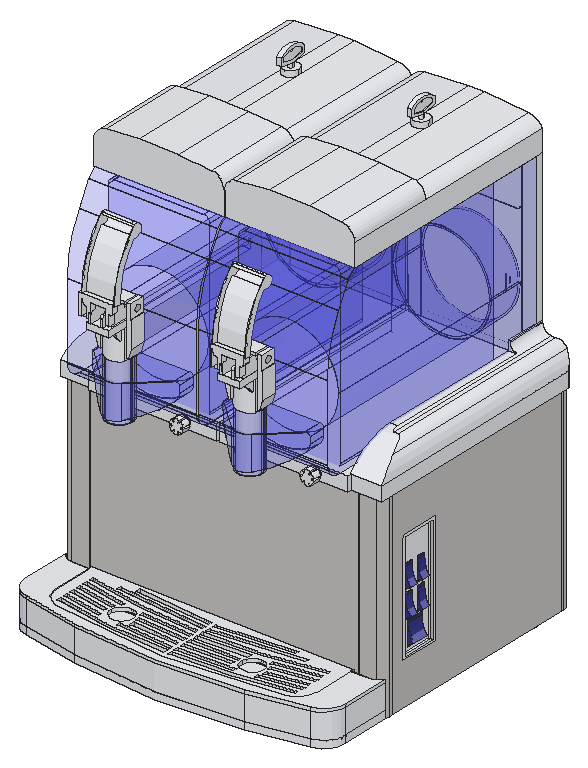
Revit family "QF_ELECTROLUXPROFESSIONAL_560105_SP2NewUK", category Specialty Equipment, Revit 2018
Family settings
  Round Connector Dimension = Use Diameter
  Part Type = Normal
  Work Plane-Based = No
  Always vertical = Yes
  Cut with Voids When Loaded = No
  Shared = No
  Room Calculation Point = No
Parameters (values of type "Standard")
  Watts = 0 W
  Volts = 220 V
  URL Manufacturer = "http://professional.electrolux.com"
  URL = "http://professional.electrolux.com"
  Steam Supply Size = 0 mm
  Steam Supply Minimum Pressure = 0.0 Pa
  Steam Supply Maximum Pressure = 0.0 Pa
  Steam Pounds per Hour = 0
  Refrigeration Suction Line Size = 0 mm
  Refrigeration Liquid Line Size = 0 mm
  Refrigerant Compressor Remote = yes
  Manufacturer = "Electrolux Professional"
  Phase = 1
  Model = "SP2NewUK"
  Length Actual = 447 mm  # constant formula
  Item Number = "560105"
  Hot Water Size = 0 mm
  Height Actual = 613 mm  # constant formula
  HP = "1 HP"
  Gas Size = 0 mm
  Gas KW = 0
  Gas Input Pressure = 0 W
  Direct Waste Size = 0 mm
  Description = "2x5 LITERS BOWLS - FROZEN GRANITA AND FROZEN CREAM DISPENSER -  2 INSULATED BOWLS - UK"
  Depth Actual = 442 mm  # constant formula
  Cycle = 50 Hz
  Condensate Return Size = 0 mm
  Compressed Air Volume = 0.0 L/s
  Compressed Air Size = 0 mm
  Compressed Air Pressure = 0.0 Pa
  Cold Water Size = 0 mm
  Accessory = yes
Reference planes
  plane 1 "Center (Front/Back)": y = 0
  plane 2 "BASE": z = 0
  plane 3 "Center (Left/Right)": x = 0
  plane 4 "FEET": z = 14
  plane 5 "BACK": y = 212
  plane 6 "LEFT": x = -223.5
  plane 7 "RIGHT": x = 223.5
  plane 8: y = 169
  plane 9: y = -118.5
  plane 10 "BackButton": z = 362.798
  plane 11 "TOP": z = 640
  plane 12 "FRONT": y = -230
Forms (mm)
  Extrusion 1, solid, material "QF_Finishes_Rubber Black"
    sketch origin (-29, 0, 0) x (1, 0, 0) y (0, 1, 0)
      loop
        circle (-163.5, 169) r 12.5
    from 0 to 3
  Blend 2, solid
    base sketch origin (-29, 0, 0) x (1, 0, 0) y (0, 1, 0)
      loop
        circle (-163.5, 169) r 15.5
    top sketch origin (-29, 0, 0) x (1, 0, 0) y (0, 1, 0)
      loop
        circle (-163.5, 169) r 17
    from 3 to 14
  Extrusion 3, solid, material "QF_Finishes_Rubber Black"
    sketch origin (171, 0, 0) x (1, 0, 0) y (0, 1, 0)
      loop
        circle (21.5, 169) r 12.5
    from 0 to 3
  Blend 4, solid
    base sketch origin (171, 0, 0) x (1, 0, 0) y (0, 1, 0)
      loop
        circle (21.5, 169) r 15.5
    top sketch origin (171, 0, 0) x (1, 0, 0) y (0, 1, 0)
      loop
        circle (21.5, 169) r 17
    from 3 to 14
  Extrusion 5, solid, material "QF_Finishes_Rubber Black"
    sketch origin (171, -267.5, 0) x (1, 0, 0) y (0, 1, 0)
      loop
        circle (21.5, 186.5) r 12.5
    from 0 to 3
  Blend 6, solid
    base sketch origin (171, -267.5, 0) x (1, 0, 0) y (0, 1, 0)
      loop
        circle (21.5, 186.5) r 15.5
    top sketch origin (171, -267.5, 0) x (1, 0, 0) y (0, 1, 0)
      loop
        circle (21.5, 186.5) r 17
    from 3 to 14
  Extrusion 7, solid, material "QF_Finishes_Rubber Black"
    sketch origin (-29, -267.5, 0) x (1, 0, 0) y (0, 1, 0)
      loop
        circle (-163.5, 186.5) r 12.5
    from 0 to 3
  Blend 8, solid
    base sketch origin (-29, -267.5, 0) x (1, 0, 0) y (0, 1, 0)
      loop
        circle (-163.5, 186.5) r 15.5
    top sketch origin (-29, -267.5, 0) x (1, 0, 0) y (0, 1, 0)
      loop
        circle (-163.5, 186.5) r 17
    from 3 to 14
  Extrusion 9, solid, material "QF_Finishes_Stainless Steel"
    sketch origin (-198, 50, 14) x (-1, 0, 0) y (0, -1, 0)
      loop
        circle (-21.5, 81) r 10
    from 0 to -10
  Extrusion 10, solid, material "QF_Finishes_Stainless Steel"
    sketch origin (223.5, 0, 0) x (0, -1, 0) y (0, 0, 1)
      loop
        line (-195.256, 14) -> (96.764, 14) -> (96.764, 286) -> (-195.256, 286) -> (-195.256, 14)
      loop
        line (75.773, 225.287) -> (25.71, 225.287) -> (25.71, 75.287) -> (75.773, 75.287) -> (75.773, 225.287)
    from 6 to 3
  Extrusion 11, solid, material "QF_Finishes_Stainless Steel"
    sketch origin (-225.5, 0, 0) x (0, -1, 0) y (0, 0, -1)
      loop
        line (-195.256, -14) -> (-195.256, -286) -> (96.764, -286) -> (96.764, -14) -> (-195.256, -14)
    from 8 to 5
  Extrusion 12, solid, material "QF_Finishes_Stainless Steel"
    sketch origin (0, 0, 14) x (-1, 0, 0) y (0, -1, 0)
      loop
        line (-220.5, 100.829) -> (-220.5, 96.764) -> (-217.5, 96.764) -> (-217.5, 100.829)
        arc (-217.5, 100.829) -> (-215.45, 105.778) -> (-210.5, 107.829) r 7
        line (-210.5, 107.829) -> (-185.657, 107.829) -> (-185.657, 110.829) -> (-210.5, 110.829)
        arc (-210.5, 110.829) -> (-217.571, 107.9) -> (-220.5, 100.829) r 10
    from 0 to 272
  Extrusion 13, solid, material "QF_Finishes_Stainless Steel"
    sketch origin (0, 0, 14) x (1, 0, 0) y (0, 1, 0)
      loop
        arc (-220.5, -100.829) -> (-217.571, -107.9) -> (-210.5, -110.829) r 10
        line (-210.5, -110.829) -> (-185.657, -110.829) -> (-185.657, -107.829) -> (-210.5, -107.829)
        arc (-210.5, -107.829) -> (-215.45, -105.778) -> (-217.5, -100.829) r 7
        line (-217.5, -100.829) -> (-217.5, -96.764) -> (-220.5, -96.764) -> (-220.5, -100.829)
    from 0 to 272
  Extrusion 14, solid, material "QF_Finishes_Stainless Steel"
    sketch origin (0, 98.492, 14) x (-1, 0, 0) y (0, -1, 0)
      loop
        arc (-220.5, -100.829) -> (-217.571, -107.9) -> (-210.5, -110.829) r 10
        line (-210.5, -110.829) -> (-185.657, -110.829) -> (-185.657, -107.829) -> (-210.5, -107.829)
        arc (-210.5, -107.829) -> (-215.45, -105.778) -> (-217.5, -100.829) r 7
        line (-217.5, -100.829) -> (-217.5, -96.764) -> (-220.5, -96.764) -> (-220.5, -100.829)
    from 0 to 272
  Extrusion 15, solid, material "QF_Finishes_Stainless Steel"
    sketch origin (0, 98.492, 14) x (1, 0, 0) y (0, 1, 0)
      loop
        line (-220.5, 100.829) -> (-220.5, 96.764) -> (-217.5, 96.764) -> (-217.5, 100.829)
        arc (-217.5, 100.829) -> (-215.45, 105.778) -> (-210.5, 107.829) r 7
        line (-210.5, 107.829) -> (-185.657, 107.829) -> (-185.657, 110.829) -> (-210.5, 110.829)
        arc (-210.5, 110.829) -> (-217.571, 107.9) -> (-220.5, 100.829) r 10
    from 0 to 272
  Extrusion 16, solid, material "QF_Finishes_White"
    sketch origin (0, 0, 14) x (-1, 0, 0) y (0, -1, 0)
      loop
        line (185.657, -209.321) -> (185.657, -206.321) -> (-185.657, -206.321) -> (-185.657, -209.321) -> (185.657, -209.321)
    from 0 to 272
  Extrusion 17, solid, material "QF_Finishes_Stainless Steel"
    sketch origin (0, 0, 14) x (-1, 0, 0) y (0, -1, 0)
      loop
        line (185.657, 107.829) -> (185.657, 110.829) -> (-185.657, 110.829) -> (-185.657, 107.829) -> (185.657, 107.829)
    from 0 to 272
  Extrusion 18, solid, material "QF_Finishes_White"
    sketch origin (0, 0, 0) x (0, 1, 0) y (0, 0, 1)
      loop
        line (-77.773, 227.287) -> (-77.773, 73.287) -> (-23.71, 73.287) -> (-23.71, 227.287) -> (-77.773, 227.287)
    from 210.5 to 220.5
  Extrusion 19, void
    sketch origin (0, 0, 0) x (0, 1, 0) y (0, 0, 1)
      loop
        line (-75.773, 225.287) -> (-75.773, 75.287) -> (-25.71, 75.287) -> (-25.71, 225.287) -> (-75.773, 225.287)
    from 212.5 to 220.5
  Extrusion 20, solid, material "QF_Finishes_Rubber Black"
    sketch origin (0, -225, 0) x (-1, 0, 0) y (0, 0, 1)
      loop
        line (-212.5, 113.524) -> (-214.745, 113.524) -> (-214.745, 110.624)
        arc (-214.745, 110.624) -> (-216.502, 98.098) -> (-221.637, 86.539) r 45.529
        line (-221.637, 86.539) -> (-214.745, 83.471) -> (-214.745, 81.362) -> (-212.5, 81.362) -> (-212.5, 113.524)
    from 186 to 163
  Extrusion 21, solid, material "QF_Finishes_Rubber Black"
    sketch origin (0, -225, 0) x (-1, 0, 0) y (0, 0, 1)
      loop
        line (-212.5, 185.457) -> (-214.745, 185.457) -> (-214.745, 182.557)
        arc (-214.745, 182.557) -> (-216.502, 170.032) -> (-221.637, 158.473) r 45.529
        line (-221.637, 158.473) -> (-214.745, 155.405) -> (-214.745, 153.296) -> (-212.5, 153.296) -> (-212.5, 185.457)
    from 190 to 180
  Extrusion 22, solid, material "QF_Finishes_Rubber Black"
    sketch origin (0, -225, 0) x (-1, 0, 0) y (0, 0, 1)
      loop
        line (-212.5, 148.728) -> (-214.745, 148.728) -> (-214.745, 145.828)
        arc (-214.745, 145.828) -> (-216.502, 133.303) -> (-221.637, 121.744) r 45.529
        line (-221.637, 121.744) -> (-214.745, 118.675) -> (-214.745, 116.567) -> (-212.5, 116.567) -> (-212.5, 148.728)
    from 190 to 180
  Extrusion 23, solid, material "QF_Finishes_Rubber Black"
    sketch origin (0, 123.518, 0) x (-1, 0, 0) y (0, 0, -1)
      loop
        line (-212.5, -185.457) -> (-212.5, -153.296) -> (-214.745, -153.296) -> (-214.745, -155.405) -> (-221.637, -158.473)
        arc (-221.637, -158.473) -> (-216.502, -170.032) -> (-214.745, -182.557) r 45.529
        line (-214.745, -182.557) -> (-214.745, -185.457) -> (-212.5, -185.457)
    from 190 to 180
  Extrusion 24, solid, material "QF_Finishes_Rubber Black"
    sketch origin (0, 123.518, 0) x (-1, 0, 0) y (0, 0, -1)
      loop
        line (-212.5, -148.728) -> (-212.5, -116.567) -> (-214.745, -116.567) -> (-214.745, -118.675) -> (-221.637, -121.744)
        arc (-221.637, -121.744) -> (-216.502, -133.303) -> (-214.745, -145.828) r 45.529
        line (-214.745, -145.828) -> (-214.745, -148.728) -> (-212.5, -148.728)
    from 190 to 180
  Extrusion 25, solid, material "QF_Finishes_White"
    sketch origin (0, 0, 14) x (-1, 0, 0) y (0, -1, 0)
      loop
        arc (203.5, 118) -> (213.228, 115.474) -> (220.5, 108.536) r 20
        line (220.5, 108.536) -> (220.5, 176.53)
        arc (220.5, 176.53) -> (213.649, 195.612) -> (196.224, 205.979) r 30
        line (196.224, 205.979) -> (117.634, 221.255)
        arc (117.634, 221.255) -> (0, 230) -> (-117.634, 221.255) r 795.559
        line (-117.634, 221.255) -> (-196.224, 205.979)
        arc (-196.224, 205.979) -> (-213.649, 195.612) -> (-220.5, 176.53) r 30
        line (-220.5, 176.53) -> (-220.5, 108.536)
        arc (-220.5, 108.536) -> (-213.228, 115.474) -> (-203.5, 118) r 20
        line (-203.5, 118) -> (-180.657, 118) -> (-180.657, 174.118)
        arc (-180.657, 174.118) -> (-173.912, 193.071) -> (-156.71, 203.501) r 30
        arc (-156.71, 203.501) -> (0, 219.475) -> (156.71, 203.501) r 776.665
        arc (156.71, 203.501) -> (173.912, 193.071) -> (180.657, 174.118) r 30
        line (180.657, 174.118) -> (180.657, 118) -> (203.5, 118)
    from 0 to 49
  Extrusion 26, solid, material "QF_Finishes_White"
    sketch origin (0, 0, 14) x (-1, 0, 0) y (0, -1, 0)
      loop
        line (220.5, 108.536) -> (220.5, 176.53)
        arc (220.5, 176.53) -> (213.649, 195.612) -> (196.224, 205.979) r 30
        line (196.224, 205.979) -> (117.634, 221.255)
        arc (117.634, 221.255) -> (0, 230) -> (-117.634, 221.255) r 795.559
        line (-117.634, 221.255) -> (-196.224, 205.979)
        arc (-196.224, 205.979) -> (-213.649, 195.612) -> (-220.5, 176.53) r 30
        line (-220.5, 176.53) -> (-220.5, 108.536)
        arc (-220.5, 108.536) -> (-213.228, 115.474) -> (-203.5, 118) r 20
        line (-203.5, 118) -> (-180, 118) -> (-180, 113) -> (180, 113) -> (180, 118) -> (203.5, 118)
        arc (203.5, 118) -> (213.228, 115.474) -> (220.5, 108.536) r 20
    from 45 to 49
  Extrusion 27, solid, material "QF_Finishes_White"
    sketch origin (0, 0, 14) x (-1, 0, 0) y (0, -1, 0)
      loop
        line (220.5, 108.536) -> (220.5, 176.53)
        arc (220.5, 176.53) -> (213.649, 195.612) -> (196.224, 205.979) r 30
        line (196.224, 205.979) -> (117.634, 221.255)
        arc (117.634, 221.255) -> (0, 230) -> (-117.634, 221.255) r 795.559
        line (-117.634, 221.255) -> (-196.224, 205.979)
        arc (-196.224, 205.979) -> (-213.649, 195.612) -> (-220.5, 176.53) r 30
        line (-220.5, 176.53) -> (-220.5, 108.536)
        arc (-220.5, 108.536) -> (-213.228, 115.474) -> (-203.5, 118) r 20
        line (-203.5, 118) -> (-180, 118) -> (-180, 113) -> (180, 113) -> (180, 118) -> (203.5, 118)
        arc (203.5, 118) -> (213.228, 115.474) -> (220.5, 108.536) r 20
    from 0 to 10
  Extrusion 28, void
    sketch origin (0, 0, 14) x (-1, 0, 0) y (0, -1, 0)
      loop
        circle (90, 174.177) r 15.5
      loop
        arc (164.485, 193.398) -> (84.102, 206.528) -> (2.783, 211.117) r 772.106
        line (2.783, 211.117) -> (2.783, 205.117)
        arc (2.783, 205.117) -> (84.109, 200.491) -> (164.485, 187.256) r 766.106
        line (164.485, 187.256) -> (164.485, 193.398)
      loop
        line (2.783, 200.117) -> (2.783, 194.117)
        arc (2.783, 194.117) -> (41.62, 192.974) -> (80.347, 189.836) r 755.106
        line (80.347, 189.836) -> (80.347, 195.869)
        arc (80.347, 195.869) -> (41.619, 198.984) -> (2.783, 200.117) r 761.106
      loop
        line (2.783, 189.117) -> (2.783, 183.117)
        arc (2.783, 183.117) -> (36.168, 182.243) -> (69.481, 179.871) r 744.106
        line (69.481, 179.871) -> (69.481, 185.897)
        arc (69.481, 185.897) -> (36.168, 188.25) -> (2.783, 189.117) r 750.106
      loop
        line (2.783, 178.117) -> (2.783, 172.117)
        arc (2.783, 172.117) -> (37.054, 171.185) -> (71.244, 168.652) r 733.106
        line (71.244, 168.652) -> (71.244, 174.681)
        arc (71.244, 174.681) -> (37.054, 177.193) -> (2.783, 178.117) r 739.106
      loop
        line (2.783, 167.117) -> (2.783, 161.117)
        arc (2.783, 161.117) -> (38.826, 160.078) -> (74.773, 157.241) r 722.106
        line (74.773, 157.241) -> (74.773, 163.273)
        arc (74.773, 163.273) -> (38.825, 166.086) -> (2.783, 167.117) r 728.106
      loop
        line (2.783, 156.117) -> (2.783, 150.117)
        arc (2.783, 150.117) -> (84.188, 145.121) -> (164.485, 130.837) r 711.106
        line (164.485, 130.837) -> (164.485, 137.003)
        arc (164.485, 137.003) -> (84.178, 151.165) -> (2.783, 156.117) r 717.106
      loop
        line (107.446, 192.5) -> (107.446, 186.439)
        arc (107.446, 186.439) -> (136.066, 181.762) -> (164.485, 175.99) r 755.106
        line (164.485, 175.99) -> (164.485, 182.136)
        arc (164.485, 182.136) -> (136.064, 187.861) -> (107.446, 192.5) r 761.106
      loop
        line (110.037, 181.007) -> (110.037, 174.941)
        arc (110.037, 174.941) -> (137.356, 170.335) -> (164.485, 164.715) r 744.106
        line (164.485, 164.715) -> (164.485, 170.866)
        arc (164.485, 170.866) -> (137.355, 176.439) -> (110.037, 181.007) r 750.106
      loop
        line (107.446, 170.271) -> (107.446, 164.206)
        arc (107.446, 164.206) -> (136.072, 159.383) -> (164.485, 153.432) r 733.106
        line (164.485, 153.432) -> (164.485, 159.587)
        arc (164.485, 159.587) -> (136.071, 165.489) -> (107.446, 170.271) r 739.106
      loop
        line (101.843, 159.965) -> (101.843, 153.904)
        arc (101.843, 153.904) -> (133.294, 148.713) -> (164.485, 142.139) r 722.106
        line (164.485, 142.139) -> (164.485, 148.3)
        arc (164.485, 148.3) -> (133.292, 154.818) -> (101.843, 159.965) r 728.106
      loop
        line (2.763, 145.117) -> (2.763, 139.117)
        arc (2.763, 139.117) -> (66.368, 135.969) -> (129.424, 127.055) r 700.106
        line (129.424, 127.055) -> (129.424, 133.16)
        arc (129.424, 133.16) -> (66.364, 141.997) -> (2.763, 145.117) r 706.106
      loop
        line (2.72, 134.117) -> (2.72, 128.117)
        arc (2.72, 128.117) -> (56.552, 125.798) -> (110.037, 119.28) r 689.106
        line (110.037, 119.28) -> (110.037, 125.358)
        arc (110.037, 125.358) -> (56.549, 131.818) -> (2.72, 134.117) r 695.106
      loop
        circle (-90, 174.177) r 15.5
      loop
        line (-164.485, 193.398) -> (-164.485, 187.256)
        arc (-164.485, 187.256) -> (-84.109, 200.491) -> (-2.783, 205.117) r 766.106
        line (-2.783, 205.117) -> (-2.783, 211.117)
        arc (-2.783, 211.117) -> (-84.102, 206.528) -> (-164.485, 193.398) r 772.106
      loop
        arc (-2.783, 200.117) -> (-41.619, 198.984) -> (-80.347, 195.869) r 761.106
        line (-80.347, 195.869) -> (-80.347, 189.836)
        arc (-80.347, 189.836) -> (-41.62, 192.974) -> (-2.783, 194.117) r 755.106
        line (-2.783, 194.117) -> (-2.783, 200.117)
      loop
        arc (-2.783, 189.117) -> (-36.168, 188.25) -> (-69.481, 185.897) r 750.106
        line (-69.481, 185.897) -> (-69.481, 179.871)
        arc (-69.481, 179.871) -> (-36.168, 182.243) -> (-2.783, 183.117) r 744.106
        line (-2.783, 183.117) -> (-2.783, 189.117)
      loop
        arc (-2.783, 178.117) -> (-37.054, 177.193) -> (-71.244, 174.681) r 739.106
        line (-71.244, 174.681) -> (-71.244, 168.652)
        arc (-71.244, 168.652) -> (-37.054, 171.185) -> (-2.783, 172.117) r 733.106
        line (-2.783, 172.117) -> (-2.783, 178.117)
      loop
        arc (-2.783, 167.117) -> (-38.825, 166.086) -> (-74.773, 163.273) r 728.106
        line (-74.773, 163.273) -> (-74.773, 157.241)
        arc (-74.773, 157.241) -> (-38.826, 160.078) -> (-2.783, 161.117) r 722.106
        line (-2.783, 161.117) -> (-2.783, 167.117)
      loop
        arc (-2.783, 156.117) -> (-84.178, 151.165) -> (-164.485, 137.003) r 717.106
        line (-164.485, 137.003) -> (-164.485, 130.837)
        arc (-164.485, 130.837) -> (-84.188, 145.121) -> (-2.783, 150.117) r 711.106
        line (-2.783, 150.117) -> (-2.783, 156.117)
      loop
        arc (-107.446, 192.5) -> (-136.064, 187.861) -> (-164.485, 182.136) r 761.106
        line (-164.485, 182.136) -> (-164.485, 175.99)
        arc (-164.485, 175.99) -> (-136.066, 181.762) -> (-107.446, 186.439) r 755.106
        line (-107.446, 186.439) -> (-107.446, 192.5)
      loop
        arc (-110.037, 181.007) -> (-137.355, 176.439) -> (-164.485, 170.866) r 750.106
        line (-164.485, 170.866) -> (-164.485, 164.715)
        arc (-164.485, 164.715) -> (-137.356, 170.335) -> (-110.037, 174.941) r 744.106
        line (-110.037, 174.941) -> (-110.037, 181.007)
      loop
        arc (-107.446, 170.271) -> (-136.071, 165.489) -> (-164.485, 159.587) r 739.106
        line (-164.485, 159.587) -> (-164.485, 153.432)
        arc (-164.485, 153.432) -> (-136.072, 159.383) -> (-107.446, 164.206) r 733.106
        line (-107.446, 164.206) -> (-107.446, 170.271)
      loop
        arc (-101.843, 159.965) -> (-133.292, 154.818) -> (-164.485, 148.3) r 728.106
        line (-164.485, 148.3) -> (-164.485, 142.139)
        arc (-164.485, 142.139) -> (-133.294, 148.713) -> (-101.843, 153.904) r 722.106
        line (-101.843, 153.904) -> (-101.843, 159.965)
      loop
        arc (-2.763, 145.117) -> (-66.364, 141.997) -> (-129.424, 133.16) r 706.106
        line (-129.424, 133.16) -> (-129.424, 127.055)
        arc (-129.424, 127.055) -> (-66.368, 135.969) -> (-2.763, 139.117) r 700.106
        line (-2.763, 139.117) -> (-2.763, 145.117)
      loop
        arc (-2.72, 134.117) -> (-56.549, 131.818) -> (-110.037, 125.358) r 695.106
        line (-110.037, 125.358) -> (-110.037, 119.28)
        arc (-110.037, 119.28) -> (-56.552, 125.798) -> (-2.72, 128.117) r 689.106
        line (-2.72, 128.117) -> (-2.72, 134.117)
    from 35.454 to 54.996
  Extrusion 29, solid, material "QF_Clearances", detail levels coarse
    sketch origin (888.173, -11.659, 0) x (1, 0, 0) y (0, 1, 0)
      loop
        line (-1111.81, -218.341) -> (-1111.81, 223.659) -> (-664.81, 223.659) -> (-664.81, -218.341) -> (-464.81, -218.341) -> (-464.81, 423.659) -> (-1311.81, 423.659) -> (-1311.81, -218.341) -> (-1111.81, -218.341)
    from 0 to 640
Cuts and joins
  Extrusion 19 cuts Extrusion 18
  Extrusion 28 cuts Extrusion 26
  Extrusion 28 cuts Extrusion 27
Lines and regions (mm)
  Split face 1
    outline origin (220.5, 154.141, 0) x (0, -1, 0) y (0, 0, 1)
      loop
        line (54.641, 200.213) -> (-10.359, 200.213) -> (-14.859, 192.213) -> (59.141, 192.213) -> (54.641, 200.213)
  Split face 2
    outline origin (220.5, 154.141, -10) x (0, -1, 0) y (0, 0, 1)
      loop
        line (54.641, 200.213) -> (-10.359, 200.213) -> (-14.859, 192.213) -> (59.141, 192.213) -> (54.641, 200.213)
  Split face 3
    outline origin (220.5, 154.141, -20) x (0, -1, 0) y (0, 0, 1)
      loop
        line (54.641, 200.213) -> (-10.359, 200.213) -> (-14.859, 192.213) -> (59.141, 192.213) -> (54.641, 200.213)
  Split face 4
    outline origin (220.5, 154.141, -30) x (0, -1, 0) y (0, 0, 1)
      loop
        line (54.641, 200.213) -> (-10.359, 200.213) -> (-14.859, 192.213) -> (59.141, 192.213) -> (54.641, 200.213)
  Split face 5
    outline origin (220.5, 154.141, -40) x (0, -1, 0) y (0, 0, 1)
      loop
        line (54.641, 200.213) -> (-10.359, 200.213) -> (-14.859, 192.213) -> (59.141, 192.213) -> (54.641, 200.213)
  Split face 6
    outline origin (220.5, 154.141, -50) x (0, -1, 0) y (0, 0, 1)
      loop
        line (54.641, 200.213) -> (-10.359, 200.213) -> (-14.859, 192.213) -> (59.141, 192.213) -> (54.641, 200.213)
  Split face 7
    outline origin (220.5, 154.141, -60) x (0, -1, 0) y (0, 0, 1)
      loop
        line (54.641, 200.213) -> (-10.359, 200.213) -> (-14.859, 192.213) -> (59.141, 192.213) -> (54.641, 200.213)
  Split face 8
    outline origin (220.5, 154.141, -70) x (0, -1, 0) y (0, 0, 1)
      loop
        line (54.641, 200.213) -> (-10.359, 200.213) -> (-14.859, 192.213) -> (59.141, 192.213) -> (54.641, 200.213)
  Split face 9
    outline origin (220.5, 154.141, -80) x (0, -1, 0) y (0, 0, 1)
      loop
        line (54.641, 200.213) -> (-10.359, 200.213) -> (-14.859, 192.213) -> (59.141, 192.213) -> (54.641, 200.213)
  Split face 10
    outline origin (220.5, 154.141, -90) x (0, -1, 0) y (0, 0, 1)
      loop
        line (54.641, 200.213) -> (-10.359, 200.213) -> (-14.859, 192.213) -> (59.141, 192.213) -> (54.641, 200.213)
  Split face 11
    outline origin (220.5, 154.141, -100) x (0, -1, 0) y (0, 0, 1)
      loop
        line (54.641, 200.213) -> (-10.359, 200.213) -> (-14.859, 192.213) -> (59.141, 192.213) -> (54.641, 200.213)
  Split face 12
    outline origin (220.5, 154.141, -110) x (0, -1, 0) y (0, 0, 1)
      loop
        line (54.641, 200.213) -> (-10.359, 200.213) -> (-14.859, 192.213) -> (59.141, 192.213) -> (54.641, 200.213)
  Split face 13
    outline origin (220.5, 154.141, -120) x (0, -1, 0) y (0, 0, 1)
      loop
        line (54.641, 200.213) -> (-10.359, 200.213) -> (-14.859, 192.213) -> (59.141, 192.213) -> (54.641, 200.213)
  Split face 14
    outline origin (220.5, 154.141, -130) x (0, -1, 0) y (0, 0, 1)
      loop
        line (54.641, 200.213) -> (-10.359, 200.213) -> (-14.859, 192.213) -> (59.141, 192.213) -> (54.641, 200.213)
  Split face 15
    outline origin (220.5, 154.141, -140) x (0, -1, 0) y (0, 0, 1)
      loop
        line (54.641, 200.213) -> (-10.359, 200.213) -> (-14.859, 192.213) -> (59.141, 192.213) -> (54.641, 200.213)
  Split face 16
    outline origin (220.5, 154.141, -150) x (0, -1, 0) y (0, 0, 1)
      loop
        line (54.641, 200.213) -> (-10.359, 200.213) -> (-14.859, 192.213) -> (59.141, 192.213) -> (54.641, 200.213)
  Split face 17
    outline origin (220.5, 154.141, 70) x (0, -1, 0) y (0, 0, 1)
      loop
        line (54.641, 200.213) -> (-10.359, 200.213) -> (-14.859, 192.213) -> (59.141, 192.213) -> (54.641, 200.213)
  Split face 18
    outline origin (220.5, 154.141, 60) x (0, -1, 0) y (0, 0, 1)
      loop
        line (54.641, 200.213) -> (-10.359, 200.213) -> (-14.859, 192.213) -> (59.141, 192.213) -> (54.641, 200.213)
  Split face 19
    outline origin (220.5, 154.141, 50) x (0, -1, 0) y (0, 0, 1)
      loop
        line (54.641, 200.213) -> (-10.359, 200.213) -> (-14.859, 192.213) -> (59.141, 192.213) -> (54.641, 200.213)
  Split face 20
    outline origin (220.5, 154.141, 40) x (0, -1, 0) y (0, 0, 1)
      loop
        line (54.641, 200.213) -> (-10.359, 200.213) -> (-14.859, 192.213) -> (59.141, 192.213) -> (54.641, 200.213)
  Split face 21
    outline origin (220.5, 154.141, 30) x (0, -1, 0) y (0, 0, 1)
      loop
        line (54.641, 200.213) -> (-10.359, 200.213) -> (-14.859, 192.213) -> (59.141, 192.213) -> (54.641, 200.213)
  Split face 22
    outline origin (220.5, 154.141, 20) x (0, -1, 0) y (0, 0, 1)
      loop
        line (54.641, 200.213) -> (-10.359, 200.213) -> (-14.859, 192.213) -> (59.141, 192.213) -> (54.641, 200.213)
  Split face 23
    outline origin (220.5, 154.141, 10) x (0, -1, 0) y (0, 0, 1)
      loop
        line (54.641, 200.213) -> (-10.359, 200.213) -> (-14.859, 192.213) -> (59.141, 192.213) -> (54.641, 200.213)
  Split face 24
    outline origin (-220.5, -2.859, 0) x (0, -1, 0) y (0, 0, -1)
      loop
        line (-30.859, -262.213) -> (-104.859, -262.213) -> (-100.359, -270.213) -> (-35.359, -270.213) -> (-30.859, -262.213)
  Split face 25
    outline origin (-220.5, -2.859, 0) x (0, -1, 0) y (0, 0, -1)
      loop
        line (-30.859, -252.213) -> (-104.859, -252.213) -> (-100.359, -260.213) -> (-35.359, -260.213) -> (-30.859, -252.213)
  Split face 26
    outline origin (-220.5, -2.859, 0) x (0, -1, 0) y (0, 0, -1)
      loop
        line (-30.859, -242.213) -> (-104.859, -242.213) -> (-100.359, -250.213) -> (-35.359, -250.213) -> (-30.859, -242.213)
  Split face 27
    outline origin (-220.5, -2.859, -20) x (0, -1, 0) y (0, 0, -1)
      loop
        line (-30.859, -252.213) -> (-104.859, -252.213) -> (-100.359, -260.213) -> (-35.359, -260.213) -> (-30.859, -252.213)
  Split face 28
    outline origin (-220.5, -2.859, -20) x (0, -1, 0) y (0, 0, -1)
      loop
        line (-30.859, -242.213) -> (-104.859, -242.213) -> (-100.359, -250.213) -> (-35.359, -250.213) -> (-30.859, -242.213)
  Split face 29
    outline origin (-220.5, -2.859, -40) x (0, -1, 0) y (0, 0, -1)
      loop
        line (-30.859, -252.213) -> (-104.859, -252.213) -> (-100.359, -260.213) -> (-35.359, -260.213) -> (-30.859, -252.213)
  Split face 30
    outline origin (-220.5, -2.859, -40) x (0, -1, 0) y (0, 0, -1)
      loop
        line (-30.859, -242.213) -> (-104.859, -242.213) -> (-100.359, -250.213) -> (-35.359, -250.213) -> (-30.859, -242.213)
  Split face 31
    outline origin (-220.5, -2.859, -60) x (0, -1, 0) y (0, 0, -1)
      loop
        line (-30.859, -252.213) -> (-104.859, -252.213) -> (-100.359, -260.213) -> (-35.359, -260.213) -> (-30.859, -252.213)
  Split face 32
    outline origin (-220.5, -2.859, -60) x (0, -1, 0) y (0, 0, -1)
      loop
        line (-30.859, -242.213) -> (-104.859, -242.213) -> (-100.359, -250.213) -> (-35.359, -250.213) -> (-30.859, -242.213)
  Split face 33
    outline origin (-220.5, -2.859, -80) x (0, -1, 0) y (0, 0, -1)
      loop
        line (-30.859, -252.213) -> (-104.859, -252.213) -> (-100.359, -260.213) -> (-35.359, -260.213) -> (-30.859, -252.213)
  Split face 34
    outline origin (-220.5, -2.859, -80) x (0, -1, 0) y (0, 0, -1)
      loop
        line (-30.859, -242.213) -> (-104.859, -242.213) -> (-100.359, -250.213) -> (-35.359, -250.213) -> (-30.859, -242.213)
  Split face 35
    outline origin (-220.5, -2.859, -100) x (0, -1, 0) y (0, 0, -1)
      loop
        line (-30.859, -252.213) -> (-104.859, -252.213) -> (-100.359, -260.213) -> (-35.359, -260.213) -> (-30.859, -252.213)
  Split face 36
    outline origin (-220.5, -2.859, -100) x (0, -1, 0) y (0, 0, -1)
      loop
        line (-30.859, -242.213) -> (-104.859, -242.213) -> (-100.359, -250.213) -> (-35.359, -250.213) -> (-30.859, -242.213)
  Split face 37
    outline origin (-220.5, -2.859, -120) x (0, -1, 0) y (0, 0, -1)
      loop
        line (-30.859, -252.213) -> (-104.859, -252.213) -> (-100.359, -260.213) -> (-35.359, -260.213) -> (-30.859, -252.213)
  Split face 38
    outline origin (-220.5, -2.859, -120) x (0, -1, 0) y (0, 0, -1)
      loop
        line (-30.859, -242.213) -> (-104.859, -242.213) -> (-100.359, -250.213) -> (-35.359, -250.213) -> (-30.859, -242.213)
  Split face 39
    outline origin (-220.5, -2.859, -140) x (0, -1, 0) y (0, 0, -1)
      loop
        line (-30.859, -252.213) -> (-104.859, -252.213) -> (-100.359, -260.213) -> (-35.359, -260.213) -> (-30.859, -252.213)
  Split face 40
    outline origin (-220.5, -2.859, -140) x (0, -1, 0) y (0, 0, -1)
      loop
        line (-30.859, -242.213) -> (-104.859, -242.213) -> (-100.359, -250.213) -> (-35.359, -250.213) -> (-30.859, -242.213)
  Split face 41
    outline origin (-220.5, -2.859, -160) x (0, -1, 0) y (0, 0, -1)
      loop
        line (-30.859, -252.213) -> (-104.859, -252.213) -> (-100.359, -260.213) -> (-35.359, -260.213) -> (-30.859, -252.213)
  Split face 42
    outline origin (-220.5, -2.859, -160) x (0, -1, 0) y (0, 0, -1)
      loop
        line (-30.859, -242.213) -> (-104.859, -242.213) -> (-100.359, -250.213) -> (-35.359, -250.213) -> (-30.859, -242.213)
  Split face 43
    outline origin (-220.5, -2.859, -180) x (0, -1, 0) y (0, 0, -1)
      loop
        line (-30.859, -252.213) -> (-104.859, -252.213) -> (-100.359, -260.213) -> (-35.359, -260.213) -> (-30.859, -252.213)
  Split face 44
    outline origin (-220.5, -2.859, -180) x (0, -1, 0) y (0, 0, -1)
      loop
        line (-30.859, -242.213) -> (-104.859, -242.213) -> (-100.359, -250.213) -> (-35.359, -250.213) -> (-30.859, -242.213)
  Split face 45
    outline origin (-220.5, -2.859, -200) x (0, -1, 0) y (0, 0, -1)
      loop
        line (-30.859, -252.213) -> (-104.859, -252.213) -> (-100.359, -260.213) -> (-35.359, -260.213) -> (-30.859, -252.213)
  Split face 46
    outline origin (-220.5, -2.859, -200) x (0, -1, 0) y (0, 0, -1)
      loop
        line (-30.859, -242.213) -> (-104.859, -242.213) -> (-100.359, -250.213) -> (-35.359, -250.213) -> (-30.859, -242.213)
  Split face 47
    outline origin (-220.5, -92.859, 0) x (0, -1, 0) y (0, 0, -1)
      loop
        line (-30.859, -262.213) -> (-104.859, -262.213) -> (-100.359, -270.213) -> (-35.359, -270.213) -> (-30.859, -262.213)
  Split face 48
    outline origin (-220.5, -92.859, 0) x (0, -1, 0) y (0, 0, -1)
      loop
        line (-30.859, -252.213) -> (-104.859, -252.213) -> (-100.359, -260.213) -> (-35.359, -260.213) -> (-30.859, -252.213)
  Split face 49
    outline origin (-220.5, -92.859, 0) x (0, -1, 0) y (0, 0, -1)
      loop
        line (-30.859, -242.213) -> (-104.859, -242.213) -> (-100.359, -250.213) -> (-35.359, -250.213) -> (-30.859, -242.213)
  Split face 50
    outline origin (-220.5, -92.859, -20) x (0, -1, 0) y (0, 0, -1)
      loop
        line (-30.859, -252.213) -> (-104.859, -252.213) -> (-100.359, -260.213) -> (-35.359, -260.213) -> (-30.859, -252.213)
  Split face 51
    outline origin (-220.5, -92.859, -20) x (0, -1, 0) y (0, 0, -1)
      loop
        line (-30.859, -242.213) -> (-104.859, -242.213) -> (-100.359, -250.213) -> (-35.359, -250.213) -> (-30.859, -242.213)
  Split face 52
    outline origin (-220.5, -92.859, -40) x (0, -1, 0) y (0, 0, -1)
      loop
        line (-30.859, -252.213) -> (-104.859, -252.213) -> (-100.359, -260.213) -> (-35.359, -260.213) -> (-30.859, -252.213)
  Split face 53
    outline origin (-220.5, -92.859, -40) x (0, -1, 0) y (0, 0, -1)
      loop
        line (-30.859, -242.213) -> (-104.859, -242.213) -> (-100.359, -250.213) -> (-35.359, -250.213) -> (-30.859, -242.213)
  Split face 54
    outline origin (-220.5, -92.859, -60) x (0, -1, 0) y (0, 0, -1)
      loop
        line (-30.859, -252.213) -> (-104.859, -252.213) -> (-100.359, -260.213) -> (-35.359, -260.213) -> (-30.859, -252.213)
  Split face 55
    outline origin (-220.5, -92.859, -60) x (0, -1, 0) y (0, 0, -1)
      loop
        line (-30.859, -242.213) -> (-104.859, -242.213) -> (-100.359, -250.213) -> (-35.359, -250.213) -> (-30.859, -242.213)
  Split face 56
    outline origin (-220.5, -92.859, -80) x (0, -1, 0) y (0, 0, -1)
      loop
        line (-30.859, -252.213) -> (-104.859, -252.213) -> (-100.359, -260.213) -> (-35.359, -260.213) -> (-30.859, -252.213)
  Split face 57
    outline origin (-220.5, -92.859, -80) x (0, -1, 0) y (0, 0, -1)
      loop
        line (-30.859, -242.213) -> (-104.859, -242.213) -> (-100.359, -250.213) -> (-35.359, -250.213) -> (-30.859, -242.213)
  Split face 58
    outline origin (-220.5, -92.859, -100) x (0, -1, 0) y (0, 0, -1)
      loop
        line (-30.859, -252.213) -> (-104.859, -252.213) -> (-100.359, -260.213) -> (-35.359, -260.213) -> (-30.859, -252.213)
  Split face 59
    outline origin (-220.5, -92.859, -100) x (0, -1, 0) y (0, 0, -1)
      loop
        line (-30.859, -242.213) -> (-104.859, -242.213) -> (-100.359, -250.213) -> (-35.359, -250.213) -> (-30.859, -242.213)
  Split face 60
    outline origin (-220.5, -92.859, -120) x (0, -1, 0) y (0, 0, -1)
      loop
        line (-30.859, -252.213) -> (-104.859, -252.213) -> (-100.359, -260.213) -> (-35.359, -260.213) -> (-30.859, -252.213)
  Split face 61
    outline origin (-220.5, -92.859, -120) x (0, -1, 0) y (0, 0, -1)
      loop
        line (-30.859, -242.213) -> (-104.859, -242.213) -> (-100.359, -250.213) -> (-35.359, -250.213) -> (-30.859, -242.213)
  Split face 62
    outline origin (-220.5, -92.859, -140) x (0, -1, 0) y (0, 0, -1)
      loop
        line (-30.859, -252.213) -> (-104.859, -252.213) -> (-100.359, -260.213) -> (-35.359, -260.213) -> (-30.859, -252.213)
  Split face 63
    outline origin (-220.5, -92.859, -140) x (0, -1, 0) y (0, 0, -1)
      loop
        line (-30.859, -242.213) -> (-104.859, -242.213) -> (-100.359, -250.213) -> (-35.359, -250.213) -> (-30.859, -242.213)
  Split face 64
    outline origin (-220.5, -92.859, -160) x (0, -1, 0) y (0, 0, -1)
      loop
        line (-30.859, -252.213) -> (-104.859, -252.213) -> (-100.359, -260.213) -> (-35.359, -260.213) -> (-30.859, -252.213)
  Split face 65
    outline origin (-220.5, -92.859, -160) x (0, -1, 0) y (0, 0, -1)
      loop
        line (-30.859, -242.213) -> (-104.859, -242.213) -> (-100.359, -250.213) -> (-35.359, -250.213) -> (-30.859, -242.213)
  Split face 66
    outline origin (-220.5, -92.859, -180) x (0, -1, 0) y (0, 0, -1)
      loop
        line (-30.859, -252.213) -> (-104.859, -252.213) -> (-100.359, -260.213) -> (-35.359, -260.213) -> (-30.859, -252.213)
  Split face 67
    outline origin (-220.5, -92.859, -180) x (0, -1, 0) y (0, 0, -1)
      loop
        line (-30.859, -242.213) -> (-104.859, -242.213) -> (-100.359, -250.213) -> (-35.359, -250.213) -> (-30.859, -242.213)
  Split face 68
    outline origin (-220.5, -92.859, -200) x (0, -1, 0) y (0, 0, -1)
      loop
        line (-30.859, -252.213) -> (-104.859, -252.213) -> (-100.359, -260.213) -> (-35.359, -260.213) -> (-30.859, -252.213)
  Split face 69
    outline origin (-220.5, -92.859, -200) x (0, -1, 0) y (0, 0, -1)
      loop
        line (-30.859, -242.213) -> (-104.859, -242.213) -> (-100.359, -250.213) -> (-35.359, -250.213) -> (-30.859, -242.213)
  Split face 70
    outline origin (-183.458, 209.321, 14) x (1, 0, 0) y (0, 0, -1)
      loop
        line (19.909, -204.404) -> (29.909, -204.404) -> (29.909, -141.98) -> (19.909, -141.98) -> (19.909, -204.404)
  Split face 71
    outline origin (-170.409, 209.321, 14) x (1, 0, 0) y (0, 0, -1)
      loop
        line (19.909, -204.404) -> (29.909, -204.404) -> (29.909, -141.98) -> (19.909, -141.98) -> (19.909, -204.404)
  Split face 72
    outline origin (-157.409, 209.321, 14) x (1, 0, 0) y (0, 0, -1)
      loop
        line (19.909, -204.404) -> (29.909, -204.404) -> (29.909, -141.98) -> (19.909, -141.98) -> (19.909, -204.404)
  Split face 73
    outline origin (-144.409, 209.321, 14) x (1, 0, 0) y (0, 0, -1)
      loop
        line (19.909, -204.404) -> (29.909, -204.404) -> (29.909, -141.98) -> (19.909, -141.98) -> (19.909, -204.404)
  Split face 74
    outline origin (-131.409, 209.321, 14) x (1, 0, 0) y (0, 0, -1)
      loop
        line (19.909, -204.404) -> (29.909, -204.404) -> (29.909, -141.98) -> (19.909, -141.98) -> (19.909, -204.404)
  Split face 75
    outline origin (-118.409, 209.321, 14) x (1, 0, 0) y (0, 0, -1)
      loop
        line (19.909, -204.404) -> (29.909, -204.404) -> (29.909, -141.98) -> (19.909, -141.98) -> (19.909, -204.404)
  Split face 76
    outline origin (-3.542, 209.321, 14) x (-1, 0, 0) y (0, 0, 1)
      loop
        line (-165.091, 204.404) -> (-165.091, 141.98) -> (-155.091, 141.98) -> (-155.091, 204.404) -> (-165.091, 204.404)
  Split face 77
    outline origin (-16.591, 209.321, 14) x (-1, 0, 0) y (0, 0, 1)
      loop
        line (-165.091, 204.404) -> (-165.091, 141.98) -> (-155.091, 141.98) -> (-155.091, 204.404) -> (-165.091, 204.404)
  Split face 78
    outline origin (-29.591, 209.321, 14) x (-1, 0, 0) y (0, 0, 1)
      loop
        line (-165.091, 204.404) -> (-165.091, 141.98) -> (-155.091, 141.98) -> (-155.091, 204.404) -> (-165.091, 204.404)
  Split face 79
    outline origin (-42.591, 209.321, 14) x (-1, 0, 0) y (0, 0, 1)
      loop
        line (-165.091, 204.404) -> (-165.091, 141.98) -> (-155.091, 141.98) -> (-155.091, 204.404) -> (-165.091, 204.404)
  Split face 80
    outline origin (-55.591, 209.321, 14) x (-1, 0, 0) y (0, 0, 1)
      loop
        line (-165.091, 204.404) -> (-165.091, 141.98) -> (-155.091, 141.98) -> (-155.091, 204.404) -> (-165.091, 204.404)
  Split face 81
    outline origin (-183.458, 209.321, -53) x (1, 0, 0) y (0, 0, -1)
      loop
        line (19.909, -204.404) -> (29.909, -204.404) -> (29.909, -141.98) -> (19.909, -141.98) -> (19.909, -204.404)
  Split face 82
    outline origin (-170.409, 209.321, -53) x (1, 0, 0) y (0, 0, -1)
      loop
        line (19.909, -204.404) -> (29.909, -204.404) -> (29.909, -141.98) -> (19.909, -141.98) -> (19.909, -204.404)
  Split face 83
    outline origin (-157.409, 209.321, -53) x (1, 0, 0) y (0, 0, -1)
      loop
        line (19.909, -204.404) -> (29.909, -204.404) -> (29.909, -141.98) -> (19.909, -141.98) -> (19.909, -204.404)
  Split face 84
    outline origin (-144.409, 209.321, -53) x (1, 0, 0) y (0, 0, -1)
      loop
        line (19.909, -204.404) -> (29.909, -204.404) -> (29.909, -141.98) -> (19.909, -141.98) -> (19.909, -204.404)
  Split face 85
    outline origin (-131.409, 209.321, -53) x (1, 0, 0) y (0, 0, -1)
      loop
        line (19.909, -204.404) -> (29.909, -204.404) -> (29.909, -141.98) -> (19.909, -141.98) -> (19.909, -204.404)
  Split face 86
    outline origin (-118.409, 209.321, -53) x (1, 0, 0) y (0, 0, -1)
      loop
        line (19.909, -204.404) -> (29.909, -204.404) -> (29.909, -141.98) -> (19.909, -141.98) -> (19.909, -204.404)
  Split face 87
    outline origin (-3.542, 209.321, -53) x (-1, 0, 0) y (0, 0, 1)
      loop
        line (-165.091, 204.404) -> (-165.091, 141.98) -> (-155.091, 141.98) -> (-155.091, 204.404) -> (-165.091, 204.404)
  Split face 88
    outline origin (-16.591, 209.321, -53) x (-1, 0, 0) y (0, 0, 1)
      loop
        line (-165.091, 204.404) -> (-165.091, 141.98) -> (-155.091, 141.98) -> (-155.091, 204.404) -> (-165.091, 204.404)
  Split face 89
    outline origin (-29.591, 209.321, -53) x (-1, 0, 0) y (0, 0, 1)
      loop
        line (-165.091, 204.404) -> (-165.091, 141.98) -> (-155.091, 141.98) -> (-155.091, 204.404) -> (-165.091, 204.404)
  Split face 90
    outline origin (-42.591, 209.321, -53) x (-1, 0, 0) y (0, 0, 1)
      loop
        line (-165.091, 204.404) -> (-165.091, 141.98) -> (-155.091, 141.98) -> (-155.091, 204.404) -> (-165.091, 204.404)
  Split face 91
    outline origin (-55.591, 209.321, -53) x (-1, 0, 0) y (0, 0, 1)
      loop
        line (-165.091, 204.404) -> (-165.091, 141.98) -> (-155.091, 141.98) -> (-155.091, 204.404) -> (-165.091, 204.404)
  Split face 92
    outline origin (-183.458, 209.321, -120) x (1, 0, 0) y (0, 0, -1)
      loop
        line (19.909, -204.404) -> (29.909, -204.404) -> (29.909, -141.98) -> (19.909, -141.98) -> (19.909, -204.404)
  Split face 93
    outline origin (-170.409, 209.321, -120) x (1, 0, 0) y (0, 0, -1)
      loop
        line (19.909, -204.404) -> (29.909, -204.404) -> (29.909, -141.98) -> (19.909, -141.98) -> (19.909, -204.404)
  Split face 94
    outline origin (-157.409, 209.321, -120) x (1, 0, 0) y (0, 0, -1)
      loop
        line (19.909, -204.404) -> (29.909, -204.404) -> (29.909, -141.98) -> (19.909, -141.98) -> (19.909, -204.404)
  Split face 95
    outline origin (-144.409, 209.321, -120) x (1, 0, 0) y (0, 0, -1)
      loop
        line (19.909, -204.404) -> (29.909, -204.404) -> (29.909, -141.98) -> (19.909, -141.98) -> (19.909, -204.404)
  Split face 96
    outline origin (-131.409, 209.321, -120) x (1, 0, 0) y (0, 0, -1)
      loop
        line (19.909, -204.404) -> (29.909, -204.404) -> (29.909, -141.98) -> (19.909, -141.98) -> (19.909, -204.404)
  Split face 97
    outline origin (-118.409, 209.321, -120) x (1, 0, 0) y (0, 0, -1)
      loop
        line (19.909, -204.404) -> (29.909, -204.404) -> (29.909, -141.98) -> (19.909, -141.98) -> (19.909, -204.404)
  Split face 98
    outline origin (-3.542, 209.321, -120) x (-1, 0, 0) y (0, 0, 1)
      loop
        line (-165.091, 204.404) -> (-165.091, 141.98) -> (-155.091, 141.98) -> (-155.091, 204.404) -> (-165.091, 204.404)
  Split face 99
    outline origin (-16.591, 209.321, -120) x (-1, 0, 0) y (0, 0, 1)
      loop
        line (-165.091, 204.404) -> (-165.091, 141.98) -> (-155.091, 141.98) -> (-155.091, 204.404) -> (-165.091, 204.404)
  Split face 100
    outline origin (-29.591, 209.321, -120) x (-1, 0, 0) y (0, 0, 1)
      loop
        line (-165.091, 204.404) -> (-165.091, 141.98) -> (-155.091, 141.98) -> (-155.091, 204.404) -> (-165.091, 204.404)
  Split face 101
    outline origin (-42.591, 209.321, -120) x (-1, 0, 0) y (0, 0, 1)
      loop
        line (-165.091, 204.404) -> (-165.091, 141.98) -> (-155.091, 141.98) -> (-155.091, 204.404) -> (-165.091, 204.404)
  Split face 102
    outline origin (-55.591, 209.321, -120) x (-1, 0, 0) y (0, 0, 1)
      loop
        line (-165.091, 204.404) -> (-165.091, 141.98) -> (-155.091, 141.98) -> (-155.091, 204.404) -> (-165.091, 204.404)
  Split face 103
    outline origin (-68.792, 209.321, 14) x (-1, 0, 0) y (0, 0, 1)
      loop
        line (-165.091, 204.404) -> (-165.091, 141.98) -> (-155.091, 141.98) -> (-155.091, 204.404) -> (-165.091, 204.404)
  Split face 104
    outline origin (-81.841, 209.321, 14) x (-1, 0, 0) y (0, 0, 1)
      loop
        line (-165.091, 204.404) -> (-165.091, 141.98) -> (-155.091, 141.98) -> (-155.091, 204.404) -> (-165.091, 204.404)
  Split face 105
    outline origin (-94.841, 209.321, 14) x (-1, 0, 0) y (0, 0, 1)
      loop
        line (-165.091, 204.404) -> (-165.091, 141.98) -> (-155.091, 141.98) -> (-155.091, 204.404) -> (-165.091, 204.404)
  Split face 106
    outline origin (-107.841, 209.321, 14) x (-1, 0, 0) y (0, 0, 1)
      loop
        line (-165.091, 204.404) -> (-165.091, 141.98) -> (-155.091, 141.98) -> (-155.091, 204.404) -> (-165.091, 204.404)
  Split face 107
    outline origin (-120.841, 209.321, 14) x (-1, 0, 0) y (0, 0, 1)
      loop
        line (-165.091, 204.404) -> (-165.091, 141.98) -> (-155.091, 141.98) -> (-155.091, 204.404) -> (-165.091, 204.404)
  Split face 108
    outline origin (-68.792, 209.321, -53) x (-1, 0, 0) y (0, 0, 1)
      loop
        line (-165.091, 204.404) -> (-165.091, 141.98) -> (-155.091, 141.98) -> (-155.091, 204.404) -> (-165.091, 204.404)
  Split face 109
    outline origin (-81.841, 209.321, -53) x (-1, 0, 0) y (0, 0, 1)
      loop
        line (-165.091, 204.404) -> (-165.091, 141.98) -> (-155.091, 141.98) -> (-155.091, 204.404) -> (-165.091, 204.404)
  Split face 110
    outline origin (-94.841, 209.321, -53) x (-1, 0, 0) y (0, 0, 1)
      loop
        line (-165.091, 204.404) -> (-165.091, 141.98) -> (-155.091, 141.98) -> (-155.091, 204.404) -> (-165.091, 204.404)
  Split face 111
    outline origin (-107.841, 209.321, -53) x (-1, 0, 0) y (0, 0, 1)
      loop
        line (-165.091, 204.404) -> (-165.091, 141.98) -> (-155.091, 141.98) -> (-155.091, 204.404) -> (-165.091, 204.404)
  Split face 112
    outline origin (-120.841, 209.321, -53) x (-1, 0, 0) y (0, 0, 1)
      loop
        line (-165.091, 204.404) -> (-165.091, 141.98) -> (-155.091, 141.98) -> (-155.091, 204.404) -> (-165.091, 204.404)
  Split face 113
    outline origin (-68.792, 209.321, -120) x (-1, 0, 0) y (0, 0, 1)
      loop
        line (-165.091, 204.404) -> (-165.091, 141.98) -> (-155.091, 141.98) -> (-155.091, 204.404) -> (-165.091, 204.404)
  Split face 114
    outline origin (-81.841, 209.321, -120) x (-1, 0, 0) y (0, 0, 1)
      loop
        line (-165.091, 204.404) -> (-165.091, 141.98) -> (-155.091, 141.98) -> (-155.091, 204.404) -> (-165.091, 204.404)
  Split face 115
    outline origin (-94.841, 209.321, -120) x (-1, 0, 0) y (0, 0, 1)
      loop
        line (-165.091, 204.404) -> (-165.091, 141.98) -> (-155.091, 141.98) -> (-155.091, 204.404) -> (-165.091, 204.404)
  Split face 116
    outline origin (-107.841, 209.321, -120) x (-1, 0, 0) y (0, 0, 1)
      loop
        line (-165.091, 204.404) -> (-165.091, 141.98) -> (-155.091, 141.98) -> (-155.091, 204.404) -> (-165.091, 204.404)
  Split face 117
    outline origin (-120.841, 209.321, -120) x (-1, 0, 0) y (0, 0, 1)
      loop
        line (-165.091, 204.404) -> (-165.091, 141.98) -> (-155.091, 141.98) -> (-155.091, 204.404) -> (-165.091, 204.404)
  Split face 118
    outline origin (-134.042, 209.321, 14) x (-1, 0, 0) y (0, 0, 1)
      loop
        line (-165.091, 204.404) -> (-165.091, 141.98) -> (-155.091, 141.98) -> (-155.091, 204.404) -> (-165.091, 204.404)
  Split face 119
    outline origin (-147.091, 209.321, 14) x (-1, 0, 0) y (0, 0, 1)
      loop
        line (-165.091, 204.404) -> (-165.091, 141.98) -> (-155.091, 141.98) -> (-155.091, 204.404) -> (-165.091, 204.404)
  Split face 120
    outline origin (-160.091, 209.321, 14) x (-1, 0, 0) y (0, 0, 1)
      loop
        line (-165.091, 204.404) -> (-165.091, 141.98) -> (-155.091, 141.98) -> (-155.091, 204.404) -> (-165.091, 204.404)
  Split face 121
    outline origin (-173.091, 209.321, 14) x (-1, 0, 0) y (0, 0, 1)
      loop
        line (-165.091, 204.404) -> (-165.091, 141.98) -> (-155.091, 141.98) -> (-155.091, 204.404) -> (-165.091, 204.404)
  Split face 122
    outline origin (-186.091, 209.321, 14) x (-1, 0, 0) y (0, 0, 1)
      loop
        line (-165.091, 204.404) -> (-165.091, 141.98) -> (-155.091, 141.98) -> (-155.091, 204.404) -> (-165.091, 204.404)
  Split face 123
    outline origin (-134.042, 209.321, -53) x (-1, 0, 0) y (0, 0, 1)
      loop
        line (-165.091, 204.404) -> (-165.091, 141.98) -> (-155.091, 141.98) -> (-155.091, 204.404) -> (-165.091, 204.404)
  Split face 124
    outline origin (-147.091, 209.321, -53) x (-1, 0, 0) y (0, 0, 1)
      loop
        line (-165.091, 204.404) -> (-165.091, 141.98) -> (-155.091, 141.98) -> (-155.091, 204.404) -> (-165.091, 204.404)
  Split face 125
    outline origin (-160.091, 209.321, -53) x (-1, 0, 0) y (0, 0, 1)
      loop
        line (-165.091, 204.404) -> (-165.091, 141.98) -> (-155.091, 141.98) -> (-155.091, 204.404) -> (-165.091, 204.404)
  Split face 126
    outline origin (-173.091, 209.321, -53) x (-1, 0, 0) y (0, 0, 1)
      loop
        line (-165.091, 204.404) -> (-165.091, 141.98) -> (-155.091, 141.98) -> (-155.091, 204.404) -> (-165.091, 204.404)
  Split face 127
    outline origin (-186.091, 209.321, -53) x (-1, 0, 0) y (0, 0, 1)
      loop
        line (-165.091, 204.404) -> (-165.091, 141.98) -> (-155.091, 141.98) -> (-155.091, 204.404) -> (-165.091, 204.404)
  Split face 128
    outline origin (-134.042, 209.321, -120) x (-1, 0, 0) y (0, 0, 1)
      loop
        line (-165.091, 204.404) -> (-165.091, 141.98) -> (-155.091, 141.98) -> (-155.091, 204.404) -> (-165.091, 204.404)
  Split face 129
    outline origin (-147.091, 209.321, -120) x (-1, 0, 0) y (0, 0, 1)
      loop
        line (-165.091, 204.404) -> (-165.091, 141.98) -> (-155.091, 141.98) -> (-155.091, 204.404) -> (-165.091, 204.404)
  Split face 130
    outline origin (-160.091, 209.321, -120) x (-1, 0, 0) y (0, 0, 1)
      loop
        line (-165.091, 204.404) -> (-165.091, 141.98) -> (-155.091, 141.98) -> (-155.091, 204.404) -> (-165.091, 204.404)
  Split face 131
    outline origin (-173.091, 209.321, -120) x (-1, 0, 0) y (0, 0, 1)
      loop
        line (-165.091, 204.404) -> (-165.091, 141.98) -> (-155.091, 141.98) -> (-155.091, 204.404) -> (-165.091, 204.404)
  Split face 132
    outline origin (-186.091, 209.321, -120) x (-1, 0, 0) y (0, 0, 1)
      loop
        line (-165.091, 204.404) -> (-165.091, 141.98) -> (-155.091, 141.98) -> (-155.091, 204.404) -> (-165.091, 204.404)
  Split face 133
    outline origin (-199.292, 209.321, 14) x (-1, 0, 0) y (0, 0, 1)
      loop
        line (-165.091, 204.404) -> (-165.091, 141.98) -> (-155.091, 141.98) -> (-155.091, 204.404) -> (-165.091, 204.404)
  Split face 134
    outline origin (-212.341, 209.321, 14) x (-1, 0, 0) y (0, 0, 1)
      loop
        line (-165.091, 204.404) -> (-165.091, 141.98) -> (-155.091, 141.98) -> (-155.091, 204.404) -> (-165.091, 204.404)
  Split face 135
    outline origin (-225.341, 209.321, 14) x (-1, 0, 0) y (0, 0, 1)
      loop
        line (-165.091, 204.404) -> (-165.091, 141.98) -> (-155.091, 141.98) -> (-155.091, 204.404) -> (-165.091, 204.404)
  Split face 136
    outline origin (-238.341, 209.321, 14) x (-1, 0, 0) y (0, 0, 1)
      loop
        line (-165.091, 204.404) -> (-165.091, 141.98) -> (-155.091, 141.98) -> (-155.091, 204.404) -> (-165.091, 204.404)
  Split face 137
    outline origin (-199.292, 209.321, -53) x (-1, 0, 0) y (0, 0, 1)
      loop
        line (-165.091, 204.404) -> (-165.091, 141.98) -> (-155.091, 141.98) -> (-155.091, 204.404) -> (-165.091, 204.404)
  Split face 138
    outline origin (-212.341, 209.321, -53) x (-1, 0, 0) y (0, 0, 1)
      loop
        line (-165.091, 204.404) -> (-165.091, 141.98) -> (-155.091, 141.98) -> (-155.091, 204.404) -> (-165.091, 204.404)
  Split face 139
    outline origin (-225.341, 209.321, -53) x (-1, 0, 0) y (0, 0, 1)
      loop
        line (-165.091, 204.404) -> (-165.091, 141.98) -> (-155.091, 141.98) -> (-155.091, 204.404) -> (-165.091, 204.404)
  Split face 140
    outline origin (-238.341, 209.321, -53) x (-1, 0, 0) y (0, 0, 1)
      loop
        line (-165.091, 204.404) -> (-165.091, 141.98) -> (-155.091, 141.98) -> (-155.091, 204.404) -> (-165.091, 204.404)
  Split face 141
    outline origin (-199.292, 209.321, -120) x (-1, 0, 0) y (0, 0, 1)
      loop
        line (-165.091, 204.404) -> (-165.091, 141.98) -> (-155.091, 141.98) -> (-155.091, 204.404) -> (-165.091, 204.404)
  Split face 142
    outline origin (-212.341, 209.321, -120) x (-1, 0, 0) y (0, 0, 1)
      loop
        line (-165.091, 204.404) -> (-165.091, 141.98) -> (-155.091, 141.98) -> (-155.091, 204.404) -> (-165.091, 204.404)
  Split face 143
    outline origin (-225.341, 209.321, -120) x (-1, 0, 0) y (0, 0, 1)
      loop
        line (-165.091, 204.404) -> (-165.091, 141.98) -> (-155.091, 141.98) -> (-155.091, 204.404) -> (-165.091, 204.404)
  Split face 144
    outline origin (-238.341, 209.321, -120) x (-1, 0, 0) y (0, 0, 1)
      loop
        line (-165.091, 204.404) -> (-165.091, 141.98) -> (-155.091, 141.98) -> (-155.091, 204.404) -> (-165.091, 204.404)
  Split face 145
    outline origin (220.5, 64.141, 0) x (0, -1, 0) y (0, 0, 1)
      loop
        line (54.641, 200.213) -> (-10.359, 200.213) -> (-14.859, 192.213) -> (59.141, 192.213) -> (54.641, 200.213)
  Split face 146
    outline origin (220.5, 64.141, -10) x (0, -1, 0) y (0, 0, 1)
      loop
        line (54.641, 200.213) -> (-10.359, 200.213) -> (-14.859, 192.213) -> (59.141, 192.213) -> (54.641, 200.213)
  Split face 147
    outline origin (220.5, 64.141, -20) x (0, -1, 0) y (0, 0, 1)
      loop
        line (54.641, 200.213) -> (-10.359, 200.213) -> (-14.859, 192.213) -> (59.141, 192.213) -> (54.641, 200.213)
  Split face 148
    outline origin (220.5, 64.141, -30) x (0, -1, 0) y (0, 0, 1)
      loop
        line (54.641, 200.213) -> (-10.359, 200.213) -> (-14.859, 192.213) -> (59.141, 192.213) -> (54.641, 200.213)
  Split face 149
    outline origin (220.5, 64.141, -40) x (0, -1, 0) y (0, 0, 1)
      loop
        line (54.641, 200.213) -> (-10.359, 200.213) -> (-14.859, 192.213) -> (59.141, 192.213) -> (54.641, 200.213)
  Split face 150
    outline origin (220.5, 64.141, -50) x (0, -1, 0) y (0, 0, 1)
      loop
        line (54.641, 200.213) -> (-10.359, 200.213) -> (-14.859, 192.213) -> (59.141, 192.213) -> (54.641, 200.213)
  Split face 151
    outline origin (220.5, 64.141, -60) x (0, -1, 0) y (0, 0, 1)
      loop
        line (54.641, 200.213) -> (-10.359, 200.213) -> (-14.859, 192.213) -> (59.141, 192.213) -> (54.641, 200.213)
  Split face 152
    outline origin (220.5, 64.141, -70) x (0, -1, 0) y (0, 0, 1)
      loop
        line (54.641, 200.213) -> (-10.359, 200.213) -> (-14.859, 192.213) -> (59.141, 192.213) -> (54.641, 200.213)
  Split face 153
    outline origin (220.5, 64.141, -80) x (0, -1, 0) y (0, 0, 1)
      loop
        line (54.641, 200.213) -> (-10.359, 200.213) -> (-14.859, 192.213) -> (59.141, 192.213) -> (54.641, 200.213)
  Split face 154
    outline origin (220.5, 64.141, -90) x (0, -1, 0) y (0, 0, 1)
      loop
        line (54.641, 200.213) -> (-10.359, 200.213) -> (-14.859, 192.213) -> (59.141, 192.213) -> (54.641, 200.213)
  Split face 155
    outline origin (220.5, 64.141, -100) x (0, -1, 0) y (0, 0, 1)
      loop
        line (54.641, 200.213) -> (-10.359, 200.213) -> (-14.859, 192.213) -> (59.141, 192.213) -> (54.641, 200.213)
  Split face 156
    outline origin (220.5, 64.141, -110) x (0, -1, 0) y (0, 0, 1)
      loop
        line (54.641, 200.213) -> (-10.359, 200.213) -> (-14.859, 192.213) -> (59.141, 192.213) -> (54.641, 200.213)
  Split face 157
    outline origin (220.5, 64.141, -120) x (0, -1, 0) y (0, 0, 1)
      loop
        line (54.641, 200.213) -> (-10.359, 200.213) -> (-14.859, 192.213) -> (59.141, 192.213) -> (54.641, 200.213)
  Split face 158
    outline origin (220.5, 64.141, -130) x (0, -1, 0) y (0, 0, 1)
      loop
        line (54.641, 200.213) -> (-10.359, 200.213) -> (-14.859, 192.213) -> (59.141, 192.213) -> (54.641, 200.213)
  Split face 159
    outline origin (220.5, 64.141, -140) x (0, -1, 0) y (0, 0, 1)
      loop
        line (54.641, 200.213) -> (-10.359, 200.213) -> (-14.859, 192.213) -> (59.141, 192.213) -> (54.641, 200.213)
  Split face 160
    outline origin (220.5, 64.141, -150) x (0, -1, 0) y (0, 0, 1)
      loop
        line (54.641, 200.213) -> (-10.359, 200.213) -> (-14.859, 192.213) -> (59.141, 192.213) -> (54.641, 200.213)
  Split face 161
    outline origin (220.5, 64.141, 70) x (0, -1, 0) y (0, 0, 1)
      loop
        line (54.641, 200.213) -> (-10.359, 200.213) -> (-14.859, 192.213) -> (59.141, 192.213) -> (54.641, 200.213)
  Split face 162
    outline origin (220.5, 64.141, 60) x (0, -1, 0) y (0, 0, 1)
      loop
        line (54.641, 200.213) -> (-10.359, 200.213) -> (-14.859, 192.213) -> (59.141, 192.213) -> (54.641, 200.213)
  Split face 163
    outline origin (220.5, 64.141, 50) x (0, -1, 0) y (0, 0, 1)
      loop
        line (54.641, 200.213) -> (-10.359, 200.213) -> (-14.859, 192.213) -> (59.141, 192.213) -> (54.641, 200.213)
  Split face 164
    outline origin (220.5, 64.141, 40) x (0, -1, 0) y (0, 0, 1)
      loop
        line (54.641, 200.213) -> (-10.359, 200.213) -> (-14.859, 192.213) -> (59.141, 192.213) -> (54.641, 200.213)
  Split face 165
    outline origin (220.5, 64.141, 30) x (0, -1, 0) y (0, 0, 1)
      loop
        line (54.641, 200.213) -> (-10.359, 200.213) -> (-14.859, 192.213) -> (59.141, 192.213) -> (54.641, 200.213)
  Split face 166
    outline origin (220.5, 64.141, 20) x (0, -1, 0) y (0, 0, 1)
      loop
        line (54.641, 200.213) -> (-10.359, 200.213) -> (-14.859, 192.213) -> (59.141, 192.213) -> (54.641, 200.213)
  Split face 167
    outline origin (220.5, 64.141, 10) x (0, -1, 0) y (0, 0, 1)
      loop
        line (54.641, 200.213) -> (-10.359, 200.213) -> (-14.859, 192.213) -> (59.141, 192.213) -> (54.641, 200.213)
  symbolic lines
    curve 1: line (-210.546, 212, 14) -> (208, 212, 14)
    curve 2: line (-220.5, -108.536, 14) -> (-220.5, -176.53, 14)
    curve 3: line (180.657, -118, 14) -> (180.657, -174.118, 14)
    curve 4: line (220.5, -176.53, 14) -> (220.5, -108.536, 14)
    curve 5: arc (196.224, -205.979, 14) -> (213.649, -195.612, 14) -> (220.5, -176.53, 14) r 30
    curve 6: line (117.634, -221.255, 14) -> (196.224, -205.979, 14)
    curve 7: arc (180.657, -174.118, 14) -> (173.912, -193.071, 14) -> (156.71, -203.501, 14) r 30
    curve 8: arc (156.71, -203.501, 14) -> (133.918, -207.843, 14) -> (111.006, -211.501, 14) r 776.665
    curve 9: line (-196.224, -205.979, 14) -> (-117.634, -221.255, 14)
    curve 10: arc (-220.5, -176.53, 14) -> (-213.649, -195.612, 14) -> (-196.224, -205.979, 14) r 30
    curve 11: arc (-117.634, -221.255, 14) -> (0, -230, 14) -> (117.634, -221.255, 14) r 795.559
